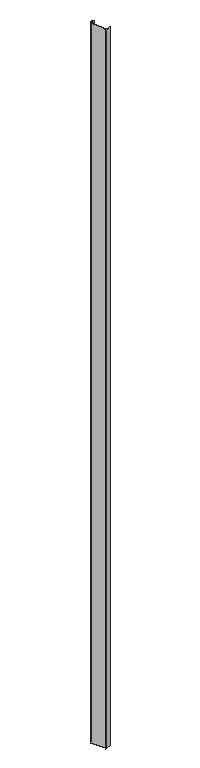
Revit family "d1d4c4cadb184d12a73e0cbf9b56f2c8", category Structural Columns, Revit 2021
Family settings
  Section Shape = Not Defined
  Material for Model Behavior = Steel
  Always export as geometry = No
  Beam cutback in plan = From bounding box
  OmniClass Number = 23.25.30.11.14.11
  OmniClass Title = Columns
  Seek Item ID = Light Gauge-Runner Channels-Column-0000-USA-ENU
  Cut with Voids When Loaded = No
  Symbolic Representation = From Project Settings
  Shared = No
  Show family pre-cut in plan views = Yes
Parameters (values of type "RC2 11/16")
  t1 = if((t / 0.95 * 0' 1" / 1000) < 0' 0 1/32", 0' 0 1/32", (t / 0.95 * 0' 1" / 1000))  # 0' - 0 1/32"
  t = 20
  W = 0
  Structural Material [instance] = Metal - Light Gauge
  Assembly Code = "B10"
  B = 0' - 2 11/16"
  D = 0' - 0 3/4"
  A = 0.00 in²
Reference planes (in)
  plane 1 "Center (Front/Back)": y = 0
  plane 2: z = 0
  plane 3 "Center (Left/Right)": x = 0
  plane 4 "Right": x = 2.6875
  plane 5 "Top": y = 0.75
  plane 6 "Insertion(Left/Right)": x = 1.34375
Forms (in)
  Extrusion 1, solid, material "Metal - Light Gauge" <- "Structural Material", detail levels medium
    sketch origin (1.4375, -0.625, 0) x (0, 1, 0) y (-1, 0, 0)
      loop
        line (1.375, 1.4375) -> (0.625, 1.4375) -> (0.625, -1.25) -> (1.375, -1.25) -> (1.375, -1.21875) -> (0.65625, -1.21875) -> (0.65625, 1.40625) -> (1.375, 1.40625) -> (1.375, 1.4375)
    from 0 to 108
  Extrusion 2, solid, material "Metal - Light Gauge" <- "Structural Material", detail levels fine
    sketch origin (1.4375, -0.625, 96) x (0, 1, 0) y (-1, 0, 0)
      loop
        line (1.375, 1.4375) -> (0.71875, 1.4375)
        arc (0.71875, 1.4375) -> (0.65246, 1.41004) -> (0.625, 1.34375) r 0.09375
        line (0.625, 1.34375) -> (0.625, -1.15625)
        arc (0.625, -1.15625) -> (0.65246, -1.22254) -> (0.71875, -1.25) r 0.09375
        line (0.71875, -1.25) -> (1.375, -1.25) -> (1.375, -1.21875) -> (0.71875, -1.21875)
        arc (0.71875, -1.21875) -> (0.67456, -1.20044) -> (0.65625, -1.15625) r 0.0625
        line (0.65625, -1.15625) -> (0.65625, 1.34375)
        arc (0.65625, 1.34375) -> (0.67456, 1.38794) -> (0.71875, 1.40625) r 0.0625
        line (0.71875, 1.40625) -> (1.375, 1.40625) -> (1.375, 1.4375)
    from -96 to 12
Lines and regions (in)
  symbolic lines, style "Hidden Faces", detail levels medium+fine
    curve 1: line (0.03125, -0.5625, 108) -> (0.03125, -0.5625, 0)
    curve 5: line (2.65625, -0.5625, 108) -> (2.65625, -0.5625, 0)
    curve 6: line (0, 0.03125, 108) -> (0, 0.03125, 0)
  symbolic lines, style "StructuralColumnStickSymbols", detail levels coarse
    curve 2: line (0, 0.75, 0) -> (0, 0, 0)
    curve 3: line (0, 0, 0) -> (2.6875, 0, 0)
    curve 4: line (2.6875, 0.75, 0) -> (2.6875, 0, 0)
Dimensions and locks (in)
  "B": plane 3 "Center (Left/Right)" to plane 4 "Right"
  "t1": Extrusion 1 sketch curve to Extrusion 1 sketch curve  (x3)
  "t1": Extrusion 2 sketch curve to Extrusion 2 sketch curve  (x3)
  "D": plane 1 "Center (Front/Back)" to plane 5 "Top"
  equal spacing: plane 3 "Center (Left/Right)", plane 6 "Insertion(Left/Right)", plane 4 "Right"
  "t1": Extrusion 1 to curve 1
  "t1": curve 5 to Extrusion 1
  "t1": curve 6 to Extrusion 1
  locked: Extrusion 2 sketch curve to Extrusion 2 sketch curve at 0.0625  (x4)
  aligned and locked: level to Extrusion 1  (x4)
  aligned and locked: level to plane 2
  aligned and locked: Extrusion 1 to plane 2
  aligned and locked: Extrusion 1 sketch curve to plane 4 "Right"
  aligned and locked: Extrusion 1 sketch curve to plane 3 "Center (Left/Right)"
  aligned and locked: plane 1 "Center (Front/Back)" to Extrusion 1 sketch curve
  aligned and locked: Extrusion 1 sketch curve to plane 5 "Top"
  aligned and locked: plane 5 "Top" to Extrusion 1 sketch curve  (x2)
  aligned and locked: Extrusion 1 sketch curve to Extrusion 1 sketch curve  (x3)
  aligned and locked: Extrusion 2 sketch curve to Extrusion 2 sketch curve  (x2)
  aligned and locked: plane 4 "Right" to Extrusion 2 sketch curve
  aligned and locked: plane 1 "Center (Front/Back)" to Extrusion 2 sketch curve
  aligned and locked: curve 2 to Extrusion 1
  aligned and locked: curve 3 to Extrusion 1
  aligned and locked: curve 4 to Extrusion 1  (x2)
  aligned and locked: level to curve 1  (x2)
  aligned and locked: level to curve 5  (x2)
  aligned and locked: level to Extrusion 2  (x8)
  aligned and locked: Extrusion 2 to level  (x8)
  aligned and locked: Extrusion 1 to level  (x4)
  aligned and locked: Extrusion 2 to curve 6  (x2)
Automatic sketch dimensions
  curve 2 to plane 5 "Top" = 0' - 0"
  Extrusion 2 sketch curve to Extrusion 2 sketch curve = 0' - 0"  (x2)
  Extrusion 2 sketch curve to plane 3 "Center (Left/Right)" = 0' - 0"
  Extrusion 2 sketch curve to plane 5 "Top" = 0' - 0"  (x2)
